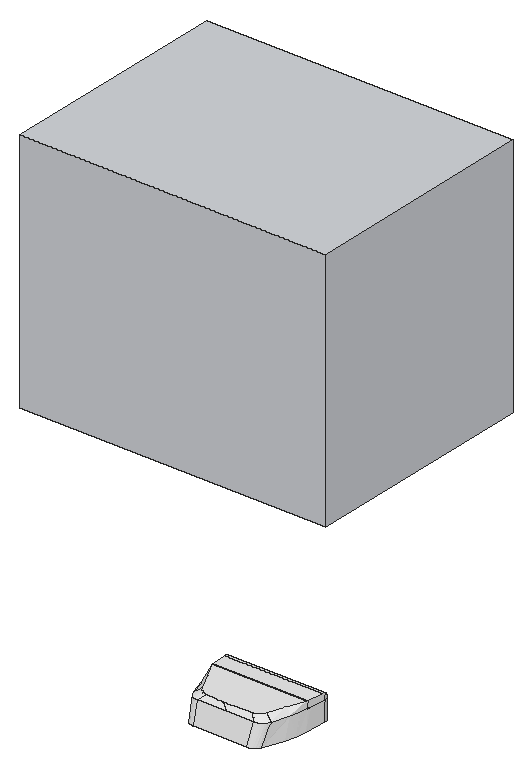
Revit family
Parameters
  Warranty Duration (Years) = 0
  Unit Width [instance] = 1' - 8 177/256"
  Unit Height [instance] = 0' - 9 99/256"
  Unit Depth = 0' - 0"
  URL = "http://www.americanspecialties.com/viewCategories.cfm"
  Test Data = ""
  Specification = "http://www.arcat.com/sdspecs/htm/10810asi.htm"
  SpecWizard = ""
  Send Message = "http://www.arcat.com/users.pl?action=UserEmail&company=American%20Specialties,%20Inc.&coid=30448&rep=139&fax=914-476-0688&mf="
  Sales Information = "http://www.americanspecialties.com/contact"
  Revision = "R1_10-2010"
  Product Properties = "http://www.americanspecialties.com/datasheets/0184.pdf"
  Product Data = "http://www.arcat.com/arcatcos/cos30/arc30448.html"
  Model = "As Specified in 10 28 13"
  Manufacturer Website = "http://www.americanspecialties.com/viewCategories.cfm"
  Manufacturer Phone - Toll Free = ""
  Manufacturer Phone = "914-476-9000 "
  Manufacturer Fax = "914-476-0688"
  Manufacturer Address = "441 Saw Mill River Rd., Yonkers, NY 10701"
  Manufacturer = "American Specialties, Inc."
  Maintenance Schedule (Months) = 0
  Keynote = "10 28 13"
  Installation-Fabrication = "http://www.americanspecialties.com/products.cfm"
  Hand Dryer [instance] = Plastic - White
  Green Building-LEED = ""
  Expected Lifespan (Years) = 0
  Drawn By = "Robert S. Weygant. CSI, CDT, SCIP"  # constant formula
  Description = "Toilet Accessory as Specified in 10 28 13"
  Default Elevation = 4' - 0"
  Copyright = "©Arcat Inc."
  Construction Details = "http://www.arcat.com/green/clients/leed_data_30448.html"
  Building Codes = "http://www.americanspecialties.com/products.cfm"
  Assembly Code = "C1030210"
Reference planes (in)
  plane 1 "Center (Front/Back)": y = -1.53715
  plane 2 "Floor Line": z = 0
  plane 3 "Center (Left/Right)": x = -2.54325
  plane 4: x = -9.762
  plane 5: x = 4.6755
  plane 6: z = 3
  plane 7: z = 4
Forms (in)
  Extrusion 1, solid
    sketch origin (-5.86969, -9, -6) x (0, 0, -1) y (1, 0, 0)
      loop
        line (-82, 26) -> (-82, -19.34712) -> (-45.73679, -19.34712) -> (-45.73679, 26) -> (-82, 26)
    from 9 to -25.60721
  SweptBlend 2, solid, material "Plastic - White" <- "Hand Dryer"
    path origin (-2.54325, -6.59154, -4.33524) x (0, 1, 0) y (0, 0, 1)
      loop
        line (4.78918, 7.33524) -> (4.78918, 8.83524)
    profile origin (-2.54325, -1.80235, 3) x (0, -1, 0) y (1, 0, 0)
      loop
        line (6.32634, 0) -> (6.32634, 4.16439)
        arc (6.32634, 4.16439) -> (6.02068, 5.14279) -> (5.21243, 5.7732) r 1.71875
        arc (5.21243, 5.7732) -> (2.63587, 6.57013) -> (-0.01722, 7.05479) r 22.62407
        line (-0.01722, 7.05479) -> (-0.01722, -7.05479)
        arc (-0.01722, -7.05479) -> (2.63587, -6.57013) -> (5.21243, -5.7732) r 22.62407
        arc (5.21243, -5.7732) -> (6.02068, -5.14279) -> (6.32634, -4.16439) r 1.71875
        line (6.32634, -4.16439) -> (6.32634, 0)
    end profile origin (-2.54325, -1.80235, 4.5) x (0, -1, 0) y (1, 0, 0)
      loop
        line (4.87419, -2.33232) -> (4.87419, 2.33232)
        arc (4.87419, 2.33232) -> (4.71389, 3.03858) -> (4.26439, 3.60644) r 1.63597
        line (4.26439, 3.60644) -> (-0.01722, 7.05479) -> (-0.01722, -7.05479) -> (4.26439, -3.60644)
        arc (4.26439, -3.60644) -> (4.71389, -3.03858) -> (4.87419, -2.33232) r 1.63597
  Extrusion 3, solid, material "Plastic - White" <- "Hand Dryer"
    sketch origin (0, -7.49401, 0) x (1, 0, 0) y (0, 1, 0)
      loop
        arc (-8.75008, 9.70888) -> (-9.46141, 9.4167) -> (-9.762, 8.70888) r 1.01199
        arc (-9.762, 8.70888) -> (-9.72988, 7.20616) -> (-9.59804, 5.70888) r 22.62407
        line (-9.59804, 5.70888) -> (4.51154, 5.70888)
        arc (4.51154, 5.70888) -> (4.64338, 7.20616) -> (4.6755, 8.70888) r 22.62407
        arc (4.6755, 8.70888) -> (4.37491, 9.4167) -> (3.66358, 9.70888) r 1.01199
        line (3.66358, 9.70888) -> (-8.75008, 9.70888)
    from 3 to 4.49021
  SweptBlend 4, solid, material "Plastic - White" <- "Hand Dryer"
    path origin (-2.54325, -7.49401, 0) x (0, 1, 0) y (0, 0, 1)
      loop
        line (5.70888, 0) -> (5.70888, 3)
    profile origin (-2.54325, -1.78513, 0) x (0, -1, 0) y (1, 0, 0)
      loop
        line (-4, 6.20683) -> (-4, -6.20683)
        arc (-4, -6.20683) -> (-3.70782, -6.91816) -> (-3, -7.21875) r 1.01199
        arc (-3, -7.21875) -> (2.10375, -6.69751) -> (6.95885, -5.0398) r 22.62407
        arc (6.95885, -5.0398) -> (7.17268, -4.58523) -> (7.24604, -4.08827) r 1.71994
        line (7.24604, -4.08827) -> (7.24604, 3.80702)
        arc (7.24604, 3.80702) -> (7.00329, 4.68799) -> (6.34356, 5.32028) r 1.71994
        arc (6.34356, 5.32028) -> (1.77292, 6.76731) -> (-3, 7.21875) r 22.62407
        arc (-3, 7.21875) -> (-3.70782, 6.91816) -> (-4, 6.20683) r 1.01199
    end profile origin (-2.54325, -1.78513, 3) x (0, -1, 0) y (1, 0, 0)
      loop
        line (-4, 6.20683) -> (-4, -6.20683)
        arc (-4, -6.20683) -> (-3.70782, -6.91816) -> (-3, -7.21875) r 1.01199
        arc (-3, -7.21875) -> (1.18214, -6.8792) -> (5.22965, -5.7732) r 22.62407
        arc (5.22965, -5.7732) -> (6.0379, -5.14279) -> (6.34356, -4.16439) r 1.71875
        line (6.34356, -4.16439) -> (6.34356, 4.16439)
        arc (6.34356, 4.16439) -> (6.0379, 5.14279) -> (5.22965, 5.7732) r 1.71875
        arc (5.22965, 5.7732) -> (1.18214, 6.8792) -> (-3, 7.21875) r 22.62407
        arc (-3, 7.21875) -> (-3.70782, 6.91816) -> (-4, 6.20683) r 1.01199
  Extrusion 5, void
    sketch origin (-2.54325, -7.49401, 0) x (0, 1, 0) y (0, 0, 1)
      loop
        line (9.70888, 0) -> (10.1997, 0) -> (10.1997, 4.60774) -> (0.867, 4.60774) -> (-0.08814, 3.65261) -> (5.70888, 4) -> (8.16448, 4)
        arc (8.16448, 4) -> (8.80726, 3.76604) -> (9.14928, 3.17365) r 1
        line (9.14928, 3.17365) -> (9.70888, 0)
    from -16.82444 to 12
Cuts and joins
  Extrusion 5 cuts SweptBlend 2
  Extrusion 5 cuts Extrusion 3
  Extrusion 5 cuts SweptBlend 4
  joined: Extrusion 3, SweptBlend 4
Dimensions and locks (in)
  aligned and locked: Extrusion 3 to SweptBlend 2
